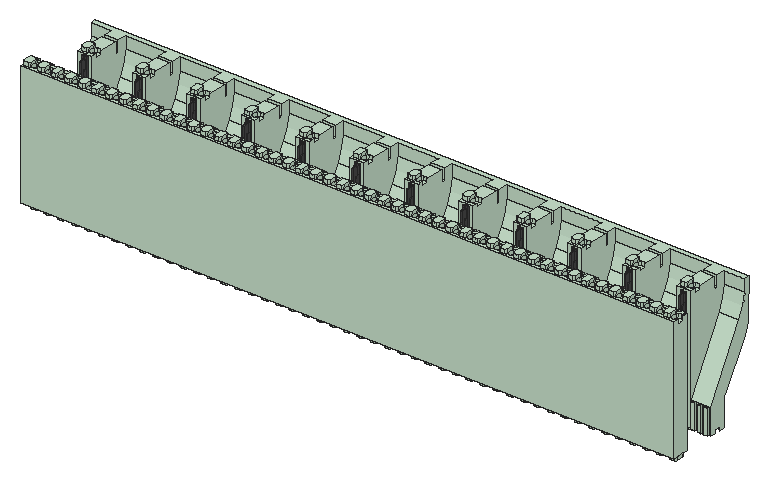
Revit family (continued)
Forms (mm)
  Extrusion 171, solid, material "NUDURA Expanded Polystyrene Foam Insulation"
    sketch origin (0, -25.16, 0) x (1, 0, 0) y (0, 1, 0)
      loop
        line (386.558, 76.2) -> (400.842, 76.2) -> (399.258, 82.55) -> (388.142, 82.55) -> (386.558, 76.2)
      loop
        line (361.158, 76.2) -> (375.442, 76.2) -> (373.858, 82.55) -> (362.742, 82.55) -> (361.158, 76.2)
      loop
        line (335.758, 76.2) -> (350.042, 76.2) -> (348.458, 82.55) -> (337.342, 82.55) -> (335.758, 76.2)
      loop
        line (259.558, 76.2) -> (273.842, 76.2) -> (272.258, 82.55) -> (261.142, 82.55) -> (259.558, 76.2)
      loop
        line (234.158, 76.2) -> (248.442, 76.2) -> (246.858, 82.55) -> (235.742, 82.55) -> (234.158, 76.2)
      loop
        line (208.758, 76.2) -> (223.042, 76.2) -> (221.458, 82.55) -> (210.342, 82.55) -> (208.758, 76.2)
      loop
        line (183.358, 76.2) -> (197.642, 76.2) -> (196.058, 82.55) -> (184.942, 82.55) -> (183.358, 76.2)
      loop
        line (157.958, 76.2) -> (172.242, 76.2) -> (170.658, 82.55) -> (159.542, 82.55) -> (157.958, 76.2)
      loop
        line (132.558, 76.2) -> (146.842, 76.2) -> (145.258, 82.55) -> (134.142, 82.55) -> (132.558, 76.2)
      loop
        line (56.358, 76.2) -> (70.642, 76.2) -> (69.058, 82.55) -> (57.942, 82.55) -> (56.358, 76.2)
      loop
        line (30.958, 76.2) -> (45.242, 76.2) -> (43.658, 82.55) -> (32.542, 82.55) -> (30.958, 76.2)
      loop
        line (5.558, 76.2) -> (19.842, 76.2) -> (18.258, 82.55) -> (7.142, 82.55) -> (5.558, 76.2)
    from 0 to 92.075
Cuts and joins
  Extrusion 2, Extrusion 3, Extrusion 4, Extrusion 5, Extrusion 6, Extrusion 7, Extrusion 8, Extrusion 9, Extrusion 10, Extrusion 11, Extrusion 12, Extrusion 13, Extrusion 14, Extrusion 15, Extrusion 16, Extrusion 17, Extrusion 18, Extrusion 19, Extrusion 20, Extrusion 21, Extrusion 22, Extrusion 23, Extrusion 24, Extrusion 25, Extrusion 26, Extrusion 27, Extrusion 28, Extrusion 29, Extrusion 30, Extrusion 31, Extrusion 32, Extrusion 33, Extrusion 34, Extrusion 35, Extrusion 36, Extrusion 37, Extrusion 38, Extrusion 39, Extrusion 40, Extrusion 41, Extrusion 42, Extrusion 43, Extrusion 44, Extrusion 45, Extrusion 46, Extrusion 47, Extrusion 48, Extrusion 49, Extrusion 62, Extrusion 63, Extrusion 64, Extrusion 65, Extrusion 66, Extrusion 67, Extrusion 68, Extrusion 69, Extrusion 70, Extrusion 71, Extrusion 72, Extrusion 73, Extrusion 74, Extrusion 75, Extrusion 76, Extrusion 77, Extrusion 78, Extrusion 79, Extrusion 80, Extrusion 81, Extrusion 82, Extrusion 83, Extrusion 84, Extrusion 85, Extrusion 86, Extrusion 87, Extrusion 88, Extrusion 89, Extrusion 90, Extrusion 91, Extrusion 92, Extrusion 93, Extrusion 94, Extrusion 95, Extrusion 96, Extrusion 97, Extrusion 98, Extrusion 99, Extrusion 100, Extrusion 101, Extrusion 102, Extrusion 103, Extrusion 104, Extrusion 105, Extrusion 106, Extrusion 107, Extrusion 108, Extrusion 109 cuts Extrusion 1
  Extrusion 50, Extrusion 110, Extrusion 111, Extrusion 112, Extrusion 113, Extrusion 114, Extrusion 115, Extrusion 116, Extrusion 117, Extrusion 118, Extrusion 119, Extrusion 120, Extrusion 121, Extrusion 122, Extrusion 123, Extrusion 124, Extrusion 125, Extrusion 126, Extrusion 127, Extrusion 128, Extrusion 129, Extrusion 130, Extrusion 131, Extrusion 132, Extrusion 133, Extrusion 134, Extrusion 135, Extrusion 136, Extrusion 137, Extrusion 138, Extrusion 139, Extrusion 140, Extrusion 141, Extrusion 142, Extrusion 143, Extrusion 144, Extrusion 145, Extrusion 146, Extrusion 147, Extrusion 148, Extrusion 149, Extrusion 150, Extrusion 151, Extrusion 152, Extrusion 153, Extrusion 154, Extrusion 155, Extrusion 156, Extrusion 157 cuts Extrusion 158
  Extrusion 61 cuts Extrusion 159
  Extrusion 60 cuts Extrusion 160
  Extrusion 59 cuts Extrusion 161
  Extrusion 58 cuts Extrusion 162
  Extrusion 57 cuts Extrusion 163
  Extrusion 56 cuts Extrusion 164
  Extrusion 55 cuts Extrusion 165
  Extrusion 54 cuts Extrusion 166
  Extrusion 53 cuts Extrusion 167
  Extrusion 52 cuts Extrusion 168
  Extrusion 51 cuts Extrusion 169
  Extrusion 50 cuts Extrusion 170
  joined: Extrusion 158, Extrusion 159, Extrusion 160, Extrusion 161, Extrusion 162, Extrusion 163, Extrusion 164, Extrusion 165, Extrusion 166, Extrusion 167, Extrusion 168, Extrusion 169, Extrusion 170
Lines and regions (mm)
  model lines
    curve 1: line (203.2, -117.235, 457.2) -> (203.2, -117.235, 0)
Dimensions and locks
  aligned and locked: level to plane 2
  aligned and locked: level to Extrusion 1
Nested families
  nested 1: "NUDURA Diamond Pattern" at (0, 25.64, 0), type "NUDURA Diamond Pattern"
  nested 2: "NUDURA Diamond Pattern" at (406.4, 25.64, 0), type "NUDURA Diamond Pattern"
  nested 3: "NUDURA Diamond Pattern" at (609.6, 25.64, 0), type "NUDURA Diamond Pattern"
  nested 4: "NUDURA Diamond Pattern" at (1016, 25.64, 0), type "NUDURA Diamond Pattern"
  nested 5: "NUDURA Diamond Pattern" at (1219.2, 25.64, 0), type "NUDURA Diamond Pattern"
  nested 6: "NUDURA Diamond Pattern" at (1625.6, 25.64, 0), type "NUDURA Diamond Pattern"
  nested 7: "NUDURA Diamond Pattern" at (1828.8, 25.64, 0), type "NUDURA Diamond Pattern"
  nested 8: "NUDURA Diamond Pattern" at (2235.2, 25.64, 0), type "NUDURA Diamond Pattern"
  nested 9: "Interlock Tooth" at (0, 25.64, 0), type "Interlock Tooth"
  nested 10: "Interlock Tooth" at (50.8, 25.64, 0), type "Interlock Tooth"
  nested 11: "Interlock Tooth" at (101.6, 25.64, 0), type "Interlock Tooth"
  nested 12: "Interlock Tooth" at (152.4, 25.64, 0), type "Interlock Tooth"
  nested 13: "Interlock Tooth" at (203.2, 25.64, 0), type "Interlock Tooth"
  nested 14: "Interlock Tooth" at (254, 25.64, 0), type "Interlock Tooth"
  nested 15: "Interlock Tooth" at (304.8, 25.64, 0), type "Interlock Tooth"
  nested 16: "Interlock Tooth" at (355.6, 25.64, 0), type "Interlock Tooth"
  nested 17: "Interlock Tooth" at (406.4, 25.64, 0), type "Interlock Tooth"
  nested 18: "Interlock Tooth" at (457.2, 25.64, 0), type "Interlock Tooth"
  nested 19: "Interlock Tooth" at (508, 25.64, 0), type "Interlock Tooth"
  nested 20: "Interlock Tooth" at (558.8, 25.64, 0), type "Interlock Tooth"
  nested 21: "Interlock Tooth" at (609.6, 25.64, 0), type "Interlock Tooth"
  nested 22: "Interlock Tooth" at (660.4, 25.64, 0), type "Interlock Tooth"
  nested 23: "Interlock Tooth" at (711.2, 25.64, 0), type "Interlock Tooth"
  nested 24: "Interlock Tooth" at (762, 25.64, 0), type "Interlock Tooth"
  nested 25: "Interlock Tooth" at (812.8, 25.64, 0), type "Interlock Tooth"
  nested 26: "Interlock Tooth" at (863.6, 25.64, 0), type "Interlock Tooth"
  nested 27: "Interlock Tooth" at (914.4, 25.64, 0), type "Interlock Tooth"
  nested 28: "Interlock Tooth" at (965.2, 25.64, 0), type "Interlock Tooth"
  nested 29: "Interlock Tooth" at (1016, 25.64, 0), type "Interlock Tooth"
  nested 30: "Interlock Tooth" at (1066.8, 25.64, 0), type "Interlock Tooth"
  nested 31: "Interlock Tooth" at (1117.6, 25.64, 0), type "Interlock Tooth"
  nested 32: "Interlock Tooth" at (1168.4, 25.64, 0), type "Interlock Tooth"
  nested 33: "Interlock Tooth" at (1219.2, 25.64, 0), type "Interlock Tooth"
  nested 34: "Interlock Tooth" at (1270, 25.64, 0), type "Interlock Tooth"
  nested 35: "Interlock Tooth" at (1320.8, 25.64, 0), type "Interlock Tooth"
  nested 36: "Interlock Tooth" at (1371.6, 25.64, 0), type "Interlock Tooth"
  nested 37: "Interlock Tooth" at (1422.4, 25.64, 0), type "Interlock Tooth"
  nested 38: "Interlock Tooth" at (1473.2, 25.64, 0), type "Interlock Tooth"
  nested 39: "Interlock Tooth" at (1524, 25.64, 0), type "Interlock Tooth"
  nested 40: "Interlock Tooth" at (1574.8, 25.64, 0), type "Interlock Tooth"
  nested 41: "Interlock Tooth" at (1625.6, 25.64, 0), type "Interlock Tooth"
  nested 42: "Interlock Tooth" at (1676.4, 25.64, 0), type "Interlock Tooth"
  nested 43: "Interlock Tooth" at (1727.2, 25.64, 0), type "Interlock Tooth"
  nested 44: "Interlock Tooth" at (1778, 25.64, 0), type "Interlock Tooth"
  nested 45: "Interlock Tooth" at (1828.8, 25.64, 0), type "Interlock Tooth"
  nested 46: "Interlock Tooth" at (1879.6, 25.64, 0), type "Interlock Tooth"
  nested 47: "Interlock Tooth" at (1930.4, 25.64, 0), type "Interlock Tooth"
  nested 48: "Interlock Tooth" at (1981.2, 25.64, 0), type "Interlock Tooth"
  nested 49: "Interlock Tooth" at (2032, 25.64, 0), type "Interlock Tooth"
  nested 50: "Interlock Tooth" at (2082.8, 25.64, 0), type "Interlock Tooth"
  nested 51: "Interlock Tooth" at (2133.6, 25.64, 0), type "Interlock Tooth"
  nested 52: "Interlock Tooth" at (2184.4, 25.64, 0), type "Interlock Tooth"
  nested 53: "Interlock Tooth" at (2235.2, 25.64, 0), type "Interlock Tooth"
  nested 54: "Interlock Tooth" at (2286, 25.64, 0), type "Interlock Tooth"
  nested 55: "Interlock Tooth" at (2336.8, 25.64, 0), type "Interlock Tooth"
  nested 56: "Interlock Tooth" at (2387.6, 25.64, 0), type "Interlock Tooth"
  nested 57: "Interlock Tooth" at (76.2, 200.265, 0), type "Interlock Tooth"
  nested 58: "Interlock Tooth" at (279.4, 200.265, 0), type "Interlock Tooth"
  nested 59: "Interlock Tooth" at (482.6, 200.265, 0), type "Interlock Tooth"
  nested 60: "Interlock Tooth" at (685.8, 200.265, 0), type "Interlock Tooth"
  nested 61: "Interlock Tooth" at (889, 200.265, 0), type "Interlock Tooth"
  nested 62: "Interlock Tooth" at (1092.2, 200.265, 0), type "Interlock Tooth"
  nested 63: "Interlock Tooth" at (1295.4, 200.265, 0), type "Interlock Tooth"
  nested 64: "Interlock Tooth" at (1498.6, 200.265, 0), type "Interlock Tooth"
  nested 65: "Interlock Tooth" at (1701.8, 200.265, 0), type "Interlock Tooth"
  nested 66: "Interlock Tooth" at (1905, 200.265, 0), type "Interlock Tooth"
  nested 67: "Interlock Tooth" at (2108.2, 200.265, 0), type "Interlock Tooth"
  nested 68: "Interlock Tooth" at (2311.4, 200.265, 0), type "Interlock Tooth"
  nested 69: "Interlock Tooth" at (25.4, -199.785, -469.9), type "Interlock Tooth"
  nested 70: "Interlock Tooth" at (76.2, -199.785, -469.9), type "Interlock Tooth"
  nested 71: "Interlock Tooth" at (127, -199.785, -469.9), type "Interlock Tooth"
  nested 72: "Interlock Tooth" at (177.8, -199.785, -469.9), type "Interlock Tooth"
  nested 73: "Interlock Tooth" at (228.6, -199.785, -469.9), type "Interlock Tooth"
  nested 74: "Interlock Tooth" at (279.4, -199.785, -469.9), type "Interlock Tooth"
  nested 75: "Interlock Tooth" at (330.2, -199.785, -469.9), type "Interlock Tooth"
  nested 76: "Interlock Tooth" at (381, -199.785, -469.9), type "Interlock Tooth"
  nested 77: "Interlock Tooth" at (431.8, -199.785, -469.9), type "Interlock Tooth"
  nested 78: "Interlock Tooth" at (482.6, -199.785, -469.9), type "Interlock Tooth"
  nested 79: "Interlock Tooth" at (533.4, -199.785, -469.9), type "Interlock Tooth"
  nested 80: "Interlock Tooth" at (584.2, -199.785, -469.9), type "Interlock Tooth"
  nested 81: "Interlock Tooth" at (635, -199.785, -469.9), type "Interlock Tooth"
  nested 82: "Interlock Tooth" at (685.8, -199.785, -469.9), type "Interlock Tooth"
  nested 83: "Interlock Tooth" at (736.6, -199.785, -469.9), type "Interlock Tooth"
  nested 84: "Interlock Tooth" at (787.4, -199.785, -469.9), type "Interlock Tooth"
  nested 85: "Interlock Tooth" at (838.2, -199.785, -469.9), type "Interlock Tooth"
  nested 86: "Interlock Tooth" at (889, -199.785, -469.9), type "Interlock Tooth"
  nested 87: "Interlock Tooth" at (939.8, -199.785, -469.9), type "Interlock Tooth"
  nested 88: "Interlock Tooth" at (990.6, -199.785, -469.9), type "Interlock Tooth"
  nested 89: "Interlock Tooth" at (1041.4, -199.785, -469.9), type "Interlock Tooth"
  nested 90: "Interlock Tooth" at (1092.2, -199.785, -469.9), type "Interlock Tooth"
  nested 91: "Interlock Tooth" at (1143, -199.785, -469.9), type "Interlock Tooth"
  nested 92: "Interlock Tooth" at (1193.8, -199.785, -469.9), type "Interlock Tooth"
  nested 93: "Interlock Tooth" at (1244.6, -199.785, -469.9), type "Interlock Tooth"
  nested 94: "Interlock Tooth" at (1295.4, -199.785, -469.9), type "Interlock Tooth"
  nested 95: "Interlock Tooth" at (1346.2, -199.785, -469.9), type "Interlock Tooth"
  nested 96: "Interlock Tooth" at (1397, -199.785, -469.9), type "Interlock Tooth"
  nested 97: "Interlock Tooth" at (1447.8, -199.785, -469.9), type "Interlock Tooth"
  nested 98: "Interlock Tooth" at (1498.6, -199.785, -469.9), type "Interlock Tooth"
  nested 99: "Interlock Tooth" at (1549.4, -199.785, -469.9), type "Interlock Tooth"
  nested 100: "Interlock Tooth" at (1600.2, -199.785, -469.9), type "Interlock Tooth"
  nested 101: "Interlock Tooth" at (1651, -199.785, -469.9), type "Interlock Tooth"
  nested 102: "Interlock Tooth" at (1701.8, -199.785, -469.9), type "Interlock Tooth"
  nested 103: "Interlock Tooth" at (1752.6, -199.785, -469.9), type "Interlock Tooth"
  nested 104: "Interlock Tooth" at (1803.4, -199.785, -469.9), type "Interlock Tooth"
  nested 105: "Interlock Tooth" at (1854.2, -199.785, -469.9), type "Interlock Tooth"
  nested 106: "Interlock Tooth" at (1905, -199.785, -469.9), type "Interlock Tooth"
  nested 107: "Interlock Tooth" at (1955.8, -199.785, -469.9), type "Interlock Tooth"
  nested 108: "Interlock Tooth" at (2006.6, -199.785, -469.9), type "Interlock Tooth"
  nested 109: "Interlock Tooth" at (2057.4, -199.785, -469.9), type "Interlock Tooth"
  nested 110: "Interlock Tooth" at (2159, -199.785, -469.9), type "Interlock Tooth"
  nested 111: "Interlock Tooth" at (2209.8, -199.785, -469.9), type "Interlock Tooth"
  nested 112: "Interlock Tooth" at (2260.6, -199.785, -469.9), type "Interlock Tooth"
  nested 113: "Interlock Tooth" at (2311.4, -199.785, -469.9), type "Interlock Tooth"
  nested 114: "Interlock Tooth" at (2362.2, -199.785, -469.9), type "Interlock Tooth"
  nested 115: "Interlock Tooth" at (2413, -199.785, -469.9), type "Interlock Tooth"
  nested 116: "Interlock Tooth" at (0, -25.16, -469.9), type "Interlock Tooth"
  nested 117: "Interlock Tooth" at (50.8, -25.16, -469.9), type "Interlock Tooth"
  nested 118: "Interlock Tooth" at (101.6, -25.16, -469.9), type "Interlock Tooth"
  nested 119: "Interlock Tooth" at (152.4, -25.16, -469.9), type "Interlock Tooth"
  nested 120: "Interlock Tooth" at (203.2, -25.16, -469.9), type "Interlock Tooth"
  nested 121: "Interlock Tooth" at (254, -25.16, -469.9), type "Interlock Tooth"
  nested 122: "Interlock Tooth" at (304.8, -25.16, -469.9), type "Interlock Tooth"
  nested 123: "Interlock Tooth" at (355.6, -25.16, -469.9), type "Interlock Tooth"
  nested 124: "Interlock Tooth" at (406.4, -25.16, -469.9), type "Interlock Tooth"
  nested 125: "Interlock Tooth" at (457.2, -25.16, -469.9), type "Interlock Tooth"
  nested 126: "Interlock Tooth" at (508, -25.16, -469.9), type "Interlock Tooth"
  nested 127: "Interlock Tooth" at (558.8, -25.16, -469.9), type "Interlock Tooth"
  nested 128: "Interlock Tooth" at (609.6, -25.16, -469.9), type "Interlock Tooth"
  nested 129: "Interlock Tooth" at (660.4, -25.16, -469.9), type "Interlock Tooth"
  nested 130: "Interlock Tooth" at (711.2, -25.16, -469.9), type "Interlock Tooth"
  nested 131: "Interlock Tooth" at (762, -25.16, -469.9), type "Interlock Tooth"
  nested 132: "Interlock Tooth" at (812.8, -25.16, -469.9), type "Interlock Tooth"
  nested 133: "Interlock Tooth" at (863.6, -25.16, -469.9), type "Interlock Tooth"
  nested 134: "Interlock Tooth" at (914.4, -25.16, -469.9), type "Interlock Tooth"
  nested 135: "Interlock Tooth" at (965.2, -25.16, -469.9), type "Interlock Tooth"
  nested 136: "Interlock Tooth" at (1016, -25.16, -469.9), type "Interlock Tooth"
  nested 137: "Interlock Tooth" at (1066.8, -25.16, -469.9), type "Interlock Tooth"
  nested 138: "Interlock Tooth" at (1117.6, -25.16, -469.9), type "Interlock Tooth"
  nested 139: "Interlock Tooth" at (1168.4, -25.16, -469.9), type "Interlock Tooth"
  nested 140: "Interlock Tooth" at (1219.2, -25.16, -469.9), type "Interlock Tooth"
  nested 141: "Interlock Tooth" at (1270, -25.16, -469.9), type "Interlock Tooth"
  nested 142: "Interlock Tooth" at (1320.8, -25.16, -469.9), type "Interlock Tooth"
  nested 143: "Interlock Tooth" at (1371.6, -25.16, -469.9), type "Interlock Tooth"
  nested 144: "Interlock Tooth" at (1422.4, -25.16, -469.9), type "Interlock Tooth"
  nested 145: "Interlock Tooth" at (1473.2, -25.16, -469.9), type "Interlock Tooth"
  nested 146: "Interlock Tooth" at (1524, -25.16, -469.9), type "Interlock Tooth"
  nested 147: "Interlock Tooth" at (1574.8, -25.16, -469.9), type "Interlock Tooth"
  nested 148: "Interlock Tooth" at (1625.6, -25.16, -469.9), type "Interlock Tooth"
  nested 149: "Interlock Tooth" at (1676.4, -25.16, -469.9), type "Interlock Tooth"
  nested 150: "Interlock Tooth" at (1727.2, -25.16, -469.9), type "Interlock Tooth"
  nested 151: "Interlock Tooth" at (1778, -25.16, -469.9), type "Interlock Tooth"
  nested 152: "Interlock Tooth" at (1828.8, -25.16, -469.9), type "Interlock Tooth"
  nested 153: "Interlock Tooth" at (1879.6, -25.16, -469.9), type "Interlock Tooth"
  nested 154: "Interlock Tooth" at (1930.4, -25.16, -469.9), type "Interlock Tooth"
  nested 155: "Interlock Tooth" at (1981.2, -25.16, -469.9), type "Interlock Tooth"
  nested 156: "Interlock Tooth" at (2032, -25.16, -469.9), type "Interlock Tooth"
  nested 157: "Interlock Tooth" at (2082.8, -25.16, -469.9), type "Interlock Tooth"
  nested 158: "Interlock Tooth" at (2133.6, -25.16, -469.9), type "Interlock Tooth"
  nested 159: "Interlock Tooth" at (2184.4, -25.16, -469.9), type "Interlock Tooth"
  nested 160: "Interlock Tooth" at (2235.2, -25.16, -469.9), type "Interlock Tooth"
  nested 161: "Interlock Tooth" at (2286, -25.16, -469.9), type "Interlock Tooth"
  nested 162: "Interlock Tooth" at (2336.8, -25.16, -469.9), type "Interlock Tooth"
  nested 163: "Interlock Tooth" at (2387.6, -25.16, -469.9), type "Interlock Tooth"
  nested 164: "NUDURA Logo Diamond" at (0, -117.235, 0), type "NUDURA Logo Diamond"
  nested 165: "NUDURA Logo Diamond" at (609.6, -117.235, 0), type "NUDURA Logo Diamond"
  nested 166: "NUDURA Logo Diamond" at (1219.2, -117.235, 0), type "NUDURA Logo Diamond"
  nested 167: "NUDURA Logo Diamond" at (1828.8, -117.235, 0), type "NUDURA Logo Diamond"
  nested 168: "NUDURA Brick Ledge Diamond Pattern" at (2235.2, 260.59, 0), type "NUDURA Brick Ledge Diamond Pattern"
  nested 169: "NUDURA Brick Ledge Diamond Pattern" at (2032, 260.59, 0), type "NUDURA Brick Ledge Diamond Pattern"
  nested 170: "NUDURA Brick Ledge Diamond Pattern" at (1828.8, 260.59, 0), type "NUDURA Brick Ledge Diamond Pattern"
  nested 171: "NUDURA Brick Ledge Diamond Pattern" at (1625.6, 260.59, 0), type "NUDURA Brick Ledge Diamond Pattern"
  nested 172: "NUDURA Brick Ledge Diamond Pattern" at (1422.4, 260.59, 0), type "NUDURA Brick Ledge Diamond Pattern"
  nested 173: "NUDURA Brick Ledge Diamond Pattern" at (1219.2, 260.59, 0), type "NUDURA Brick Ledge Diamond Pattern"
  nested 174: "NUDURA Brick Ledge Diamond Pattern" at (1016, 260.59, 0), type "NUDURA Brick Ledge Diamond Pattern"
  nested 175: "NUDURA Brick Ledge Diamond Pattern" at (812.8, 260.59, 0), type "NUDURA Brick Ledge Diamond Pattern"
  nested 176: "NUDURA Brick Ledge Diamond Pattern" at (609.6, 260.59, 0), type "NUDURA Brick Ledge Diamond Pattern"
  nested 177: "NUDURA Brick Ledge Diamond Pattern" at (406.4, 260.59, 0), type "NUDURA Brick Ledge Diamond Pattern"
  nested 178: "NUDURA Brick Ledge Diamond Pattern" at (203.2, 260.59, 0), type "NUDURA Brick Ledge Diamond Pattern"
  nested 179: "NUDURA Brick Ledge Diamond Pattern" at (0, 260.59, 0), type "NUDURA Brick Ledge Diamond Pattern"
  nested 180: "4-inch Insert Web" at (101.6, 0.24, 0), type "4-inch Insert Web"
  nested 181: "4-inch Insert Web" at (304.8, 0.24, 0), type "4-inch Insert Web"
  nested 182: "4-inch Insert Web" at (508, 0.24, 0), type "4-inch Insert Web"
  nested 183: "4-inch Insert Web" at (711.2, 0.24, 0), type "4-inch Insert Web"
  nested 184: "4-inch Insert Web" at (914.4, 0.24, 0), type "4-inch Insert Web"
  nested 185: "4-inch Insert Web" at (1117.6, 0.24, 0), type "4-inch Insert Web"
  nested 186: "4-inch Insert Web" at (1320.8, 0.24, 0), type "4-inch Insert Web"
  nested 187: "4-inch Insert Web" at (1524, 0.24, 0), type "4-inch Insert Web"
  nested 188: "4-inch Insert Web" at (1727.2, 0.24, 0), type "4-inch Insert Web"
  nested 189: "4-inch Insert Web" at (1930.4, 0.24, 0), type "4-inch Insert Web"
  nested 190: "4-inch Insert Web" at (2133.6, 0.24, 0), type "4-inch Insert Web"
  nested 191: "4-inch Insert Web" at (2336.8, 0.24, 0), type "4-inch Insert Web"
  nested 192: "Interlock Tooth" at (2108.2, -199.785, -469.9), type "Interlock Tooth"
Definition of nested family "Interlock Tooth"
  Reference planes
    plane 1 "Center (Front/Back)": y = 0
    plane 2: z = 0
    plane 3 "Center (Left/Right)": x = 0
    plane 4: z = 457.2
    plane 5: z = 469.9
    plane 6: z = -12.7
  Forms (mm)
    Extrusion 1, solid, material "NUDURA Expanded Polystyrene Foam Insulation"
      sketch origin (0, -225.425, 0) x (1, 0, 0) y (0, 1, 0)
        loop
          arc (0, 101.014) -> (1.215, 97.278) -> (4.396, 94.972) r 6.35
          arc (4.396, 94.972) -> (12.7, 93.663) -> (21.004, 94.972) r 26.988
          arc (21.004, 94.972) -> (24.185, 97.278) -> (25.4, 101.014) r 6.35
          line (25.4, 101.014) -> (25.4, 124.411)
          arc (25.4, 124.411) -> (24.185, 128.147) -> (21.004, 130.453) r 6.35
          arc (21.004, 130.453) -> (12.7, 131.763) -> (4.396, 130.453) r 26.987
          arc (4.396, 130.453) -> (1.215, 128.147) -> (0, 124.411) r 6.35
          line (0, 124.411) -> (0, 101.014)
      from 457.2 to 469.9
  Dimensions and locks
    locked: plane 4 to level at 457.2
    locked: plane 4 to plane 5 at 12.7
    locked: plane 6 to level at 12.7
Definition of nested family "4-inch Insert Web"
  Reference planes
    plane 1 "Center (Front/Back)": y = 0
    plane 2: z = 0
    plane 3 "Center (Left/Right)": x = 0
  Forms (mm)
    Extrusion 1, solid, material "High Density Polystyrene"
      sketch origin (0, 0, 0) x (0, 1, 0) y (0, 0, 1)
        loop
          line (57.15, 0) -> (57.15, 450.744)
          arc (57.15, 450.744) -> (56.417, 450.243) -> (56.134, 449.4) r 1.397
          line (56.134, 449.4) -> (56.134, 1.344)
          arc (56.134, 1.344) -> (56.417, 0.502) -> (57.15, 0) r 1.397
        loop
          arc (-57.15, 0) -> (-56.417, 0.502) -> (-56.134, 1.344) r 1.397
          line (-56.134, 1.344) -> (-56.134, 449.4)
          arc (-56.134, 449.4) -> (-56.417, 450.243) -> (-57.15, 450.744) r 1.397
          line (-57.15, 450.744) -> (-57.15, 0)
      from 9.227 to -9.227
    Extrusion 2, solid, material "High Density Polystyrene"
      sketch origin (0, 0, 0) x (0, 1, 0) y (0, 0, 1)
        loop
          arc (55.598, 442.16) -> (55.975, 442.021) -> (56.134, 441.652) r 0.508
          line (56.134, 441.652) -> (56.134, 447.972)
          arc (56.134, 447.972) -> (56.029, 447.585) -> (55.742, 447.306) r 0.762
          line (55.742, 447.306) -> (53.986, 446.33)
          arc (53.986, 446.33) -> (53.699, 446.05) -> (53.594, 445.664) r 0.762
          line (53.594, 445.664) -> (53.594, 442.585)
          arc (53.594, 442.585) -> (53.753, 442.216) -> (54.13, 442.078) r 0.508
          line (54.13, 442.078) -> (55.598, 442.16)
        loop
          line (-53.986, 446.33) -> (-55.742, 447.306)
          arc (-55.742, 447.306) -> (-56.029, 447.585) -> (-56.134, 447.972) r 0.762
          line (-56.134, 447.972) -> (-56.134, 441.652)
          arc (-56.134, 441.652) -> (-55.975, 442.021) -> (-55.598, 442.16) r 0.508
          line (-55.598, 442.16) -> (-54.13, 442.078)
          arc (-54.13, 442.078) -> (-53.753, 442.216) -> (-53.594, 442.585) r 0.508
          line (-53.594, 442.585) -> (-53.594, 445.664)
          arc (-53.594, 445.664) -> (-53.699, 446.05) -> (-53.986, 446.33) r 0.762
        loop
          line (55.598, 8.585) -> (54.13, 8.666)
          arc (54.13, 8.666) -> (53.753, 8.528) -> (53.594, 8.159) r 0.508
          line (53.594, 8.159) -> (53.594, 5.08)
          arc (53.594, 5.08) -> (53.699, 4.694) -> (53.986, 4.414) r 0.762
          line (53.986, 4.414) -> (55.742, 3.439)
          arc (55.742, 3.439) -> (56.029, 3.159) -> (56.134, 2.772) r 0.762
          line (56.134, 2.772) -> (56.134, 9.092)
          arc (56.134, 9.092) -> (55.975, 8.723) -> (55.598, 8.585) r 0.508
        loop
          arc (-53.986, 4.414) -> (-53.699, 4.694) -> (-53.594, 5.08) r 0.762
          line (-53.594, 5.08) -> (-53.594, 8.159)
          arc (-53.594, 8.159) -> (-53.753, 8.528) -> (-54.13, 8.666) r 0.508
          line (-54.13, 8.666) -> (-55.598, 8.585)
          arc (-55.598, 8.585) -> (-55.975, 8.723) -> (-56.134, 9.092) r 0.508
          line (-56.134, 9.092) -> (-56.134, 2.772)
          arc (-56.134, 2.772) -> (-56.029, 3.159) -> (-55.742, 3.439) r 0.762
          line (-55.742, 3.439) -> (-53.986, 4.414)
        loop
          line (50.8, 437.076) -> (48.895, 442.918)
          arc (48.895, 442.918) -> (47.625, 443.68) -> (46.355, 442.918) r 1.439
          line (46.355, 442.918) -> (45.113, 439.108) -> (41.883, 439.108)
          arc (41.883, 439.108) -> (41.004, 438.744) -> (40.64, 437.865) r 1.243
          line (40.64, 437.865) -> (40.64, 437.076) -> (38.1, 437.076) -> (38.1, 400.201)
          arc (38.1, 400.201) -> (36.344, 393.421) -> (31.518, 388.345) r 13.97
          arc (31.518, 388.345) -> (30.285, 386.915) -> (30.081, 385.039) r 3.175
          arc (30.081, 385.039) -> (18.776, 376.743) -> (19.602, 390.741) r 7.747
          arc (19.602, 390.741) -> (22.454, 398.563) -> (14.366, 400.538) r 5.588
          arc (14.366, 400.538) -> (7.52, 397.224) -> (0, 396.085) r 25.4
          arc (0, 396.085) -> (-7.52, 397.224) -> (-14.366, 400.538) r 25.4
          arc (-14.366, 400.538) -> (-22.454, 398.563) -> (-19.602, 390.741) r 5.588
          arc (-19.602, 390.741) -> (-18.776, 376.743) -> (-30.081, 385.039) r 7.747
          arc (-30.081, 385.039) -> (-30.285, 386.915) -> (-31.518, 388.345) r 3.175
          arc (-31.518, 388.345) -> (-36.344, 393.421) -> (-38.1, 400.201) r 13.97
          line (-38.1, 400.201) -> (-38.1, 437.076) -> (-40.64, 437.076) -> (-40.64, 437.865)
          arc (-40.64, 437.865) -> (-41.004, 438.744) -> (-41.883, 439.108) r 1.243
          line (-41.883, 439.108) -> (-45.113, 439.108) -> (-46.355, 442.918)
          arc (-46.355, 442.918) -> (-47.625, 443.68) -> (-48.895, 442.918) r 1.439
          line (-48.895, 442.918) -> (-50.8, 437.076) -> (-50.8, 16.896) -> (-48.895, 11.054)
          arc (-48.895, 11.054) -> (-47.625, 10.292) -> (-46.355, 11.054) r 1.439
          line (-46.355, 11.054) -> (-45.113, 14.864) -> (-41.883, 14.864)
          arc (-41.883, 14.864) -> (-41.004, 15.228) -> (-40.64, 16.107) r 1.243
          line (-40.64, 16.107) -> (-40.64, 16.896) -> (-38.1, 16.896) -> (-38.1, 56.999)
          arc (-38.1, 56.999) -> (-36.344, 63.779) -> (-31.518, 68.855) r 13.97
          arc (-31.518, 68.855) -> (-30.285, 70.285) -> (-30.081, 72.161) r 3.175
          arc (-30.081, 72.161) -> (-18.776, 80.457) -> (-19.602, 66.459) r 7.747
          arc (-19.602, 66.459) -> (-22.454, 58.637) -> (-14.366, 56.662) r 5.588
          arc (-14.366, 56.662) -> (-7.52, 59.976) -> (0, 61.115) r 25.4
          arc (0, 61.115) -> (7.52, 59.976) -> (14.366, 56.662) r 25.4
          arc (14.366, 56.662) -> (22.454, 58.637) -> (19.602, 66.459) r 5.588
          arc (19.602, 66.459) -> (18.776, 80.457) -> (30.081, 72.161) r 7.747
          arc (30.081, 72.161) -> (30.285, 70.285) -> (31.518, 68.855) r 3.175
          arc (31.518, 68.855) -> (36.344, 63.779) -> (38.1, 56.999) r 13.97
          line (38.1, 56.999) -> (38.1, 16.896) -> (40.64, 16.896) -> (40.64, 16.107)
          arc (40.64, 16.107) -> (41.004, 15.228) -> (41.883, 14.864) r 1.243
          line (41.883, 14.864) -> (45.113, 14.864) -> (46.355, 11.054)
          arc (46.355, 11.054) -> (47.625, 10.292) -> (48.895, 11.054) r 1.439
          line (48.895, 11.054) -> (50.8, 16.896) -> (50.8, 437.076)
        loop
          line (28.016, 366.947) -> (8.37, 357.753)
          arc (8.37, 357.753) -> (4.342, 351.679) -> (1.524, 344.958) r 38.683
          line (1.524, 344.958) -> (1.524, 330.717)
          arc (1.524, 330.717) -> (4.39, 325.677) -> (9.462, 322.866) r 10.723
          line (9.462, 322.866) -> (28.575, 322.866)
          arc (28.575, 322.866) -> (34.302, 326.664) -> (38.1, 332.391) r 17.304
          line (38.1, 332.391) -> (38.1, 358.508)
          arc (38.1, 358.508) -> (34.431, 364.369) -> (28.016, 366.947) r 11.169
        loop
          arc (-28.016, 366.947) -> (-34.431, 364.369) -> (-38.1, 358.508) r 11.169
          line (-38.1, 358.508) -> (-38.1, 332.391)
          arc (-38.1, 332.391) -> (-34.302, 326.664) -> (-28.575, 322.866) r 17.304
          line (-28.575, 322.866) -> (-9.462, 322.866)
          arc (-9.462, 322.866) -> (-4.39, 325.677) -> (-1.524, 330.717) r 10.723
          line (-1.524, 330.717) -> (-1.524, 344.958)
          arc (-1.524, 344.958) -> (-4.342, 351.679) -> (-8.37, 357.753) r 38.683
          line (-8.37, 357.753) -> (-28.016, 366.947)
        loop
          arc (28.016, 274.213) -> (34.431, 276.792) -> (38.1, 282.652) r 11.169
          line (38.1, 282.652) -> (38.1, 308.769)
          arc (38.1, 308.769) -> (34.302, 314.497) -> (28.575, 318.294) r 17.304
          line (28.575, 318.294) -> (9.462, 318.294)
          arc (9.462, 318.294) -> (4.39, 315.483) -> (1.524, 310.443) r 10.723
          line (1.524, 310.443) -> (1.524, 296.202)
          arc (1.524, 296.202) -> (4.342, 289.481) -> (8.37, 283.408) r 38.683
          line (8.37, 283.408) -> (28.016, 274.213)
        loop
          line (-28.016, 274.213) -> (-8.37, 283.408)
          arc (-8.37, 283.408) -> (-4.342, 289.481) -> (-1.524, 296.202) r 38.683
          line (-1.524, 296.202) -> (-1.524, 310.443)
          arc (-1.524, 310.443) -> (-4.39, 315.483) -> (-9.462, 318.294) r 10.723
          line (-9.462, 318.294) -> (-28.575, 318.294)
          arc (-28.575, 318.294) -> (-34.302, 314.497) -> (-38.1, 308.769) r 17.304
          line (-38.1, 308.769) -> (-38.1, 282.652)
          arc (-38.1, 282.652) -> (-34.431, 276.792) -> (-28.016, 274.213) r 11.169
        loop
          arc (10.766, 277.238) -> (5.515, 279.027) -> (0, 279.633) r 25.4
          arc (0, 279.633) -> (-5.515, 279.027) -> (-10.766, 277.238) r 25.4
          line (-10.766, 277.238) -> (-30.783, 267.87)
          arc (-30.783, 267.87) -> (-36.116, 263.184) -> (-38.1, 256.368) r 12.7
          line (-38.1, 256.368) -> (-38.1, 236.534) -> (-35.052, 231.454) -> (-35.052, 228.6) -> (-35.052, 225.746) -> (-38.1, 220.666) -> (-38.1, 200.832)
          arc (-38.1, 200.832) -> (-36.116, 194.016) -> (-30.783, 189.33) r 12.7
          line (-30.783, 189.33) -> (-10.766, 179.962)
          arc (-10.766, 179.962) -> (-5.515, 178.173) -> (0, 177.567) r 25.4
          arc (0, 177.567) -> (5.515, 178.173) -> (10.766, 179.962) r 25.4
          line (10.766, 179.962) -> (30.783, 189.33)
          arc (30.783, 189.33) -> (36.116, 194.016) -> (38.1, 200.832) r 12.7
          line (38.1, 200.832) -> (38.1, 220.666) -> (35.052, 225.746) -> (35.052, 228.6) -> (35.052, 231.454) -> (38.1, 236.534) -> (38.1, 256.368)
          arc (38.1, 256.368) -> (36.116, 263.184) -> (30.783, 267.87) r 12.7
          line (30.783, 267.87) -> (10.766, 277.238)
        loop
          arc (28.016, 90.253) -> (34.431, 92.831) -> (38.1, 98.692) r 11.169
          line (38.1, 98.692) -> (38.1, 124.809)
          arc (38.1, 124.809) -> (34.302, 130.536) -> (28.575, 134.334) r 17.304
          line (28.575, 134.334) -> (9.462, 134.334)
          arc (9.462, 134.334) -> (4.39, 131.523) -> (1.524, 126.483) r 10.723
          line (1.524, 126.483) -> (1.524, 112.242)
          arc (1.524, 112.242) -> (4.342, 105.521) -> (8.37, 99.447) r 38.683
          line (8.37, 99.447) -> (28.016, 90.253)
        loop
          line (-28.016, 90.253) -> (-8.37, 99.447)
          arc (-8.37, 99.447) -> (-4.342, 105.521) -> (-1.524, 112.242) r 38.683
          line (-1.524, 112.242) -> (-1.524, 126.483)
          arc (-1.524, 126.483) -> (-4.39, 131.523) -> (-9.462, 134.334) r 10.723
          line (-9.462, 134.334) -> (-28.575, 134.334)
          arc (-28.575, 134.334) -> (-34.302, 130.536) -> (-38.1, 124.809) r 17.304
          line (-38.1, 124.809) -> (-38.1, 98.692)
          arc (-38.1, 98.692) -> (-34.431, 92.831) -> (-28.016, 90.253) r 11.169
        loop
          line (28.016, 182.987) -> (8.37, 173.792)
          arc (8.37, 173.792) -> (4.342, 167.719) -> (1.524, 160.998) r 38.683
          line (1.524, 160.998) -> (1.524, 146.757)
          arc (1.524, 146.757) -> (4.39, 141.717) -> (9.462, 138.906) r 10.723
          line (9.462, 138.906) -> (28.575, 138.906)
          arc (28.575, 138.906) -> (34.302, 142.703) -> (38.1, 148.431) r 17.304
          line (38.1, 148.431) -> (38.1, 174.548)
          arc (38.1, 174.548) -> (34.431, 180.408) -> (28.016, 182.987) r 11.169
        loop
          arc (-28.016, 182.987) -> (-34.431, 180.408) -> (-38.1, 174.548) r 11.169
          line (-38.1, 174.548) -> (-38.1, 148.431)
          arc (-38.1, 148.431) -> (-34.302, 142.703) -> (-28.575, 138.906) r 17.304
          line (-28.575, 138.906) -> (-9.462, 138.906)
          arc (-9.462, 138.906) -> (-4.39, 141.717) -> (-1.524, 146.757) r 10.723
          line (-1.524, 146.757) -> (-1.524, 160.998)
          arc (-1.524, 160.998) -> (-4.342, 167.719) -> (-8.37, 173.792) r 38.683
          line (-8.37, 173.792) -> (-28.016, 182.987)
      from 3.175 to -3.175
    Extrusion 3, solid, material "High Density Polystyrene"
      sketch origin (0, 0, 0) x (0, 1, 0) y (0, 0, 1)
        loop
          line (56.134, 410.919) -> (43.434, 410.919) -> (43.434, 380.439) -> (56.134, 380.439) -> (56.134, 410.919)
        loop
          line (56.134, 361.389) -> (43.434, 361.389) -> (43.434, 330.909) -> (56.134, 330.909) -> (56.134, 361.389)
        loop
          line (56.134, 311.859) -> (43.434, 311.859) -> (43.434, 281.379) -> (56.134, 281.379) -> (56.134, 311.859)
        loop
          line (56.134, 262.329) -> (43.434, 262.329) -> (43.434, 234.897) -> (56.134, 234.897) -> (56.134, 262.329)
        loop
          line (56.134, 215.847) -> (43.434, 215.847) -> (43.434, 188.415) -> (56.134, 188.415) -> (56.134, 215.847)
        loop
          line (56.134, 169.365) -> (43.434, 169.365) -> (43.434, 138.885) -> (56.134, 138.885) -> (56.134, 169.365)
        loop
          line (56.134, 119.835) -> (43.434, 119.835) -> (43.434, 89.355) -> (56.134, 89.355) -> (56.134, 119.835)
        loop
          line (56.134, 70.305) -> (43.434, 70.305) -> (43.434, 39.825) -> (56.134, 39.825) -> (56.134, 70.305)
        loop
          line (-56.134, 410.919) -> (-56.134, 380.439) -> (-43.434, 380.439) -> (-43.434, 410.919) -> (-56.134, 410.919)
        loop
          line (-56.134, 361.389) -> (-56.134, 330.909) -> (-43.434, 330.909) -> (-43.434, 361.389) -> (-56.134, 361.389)
        loop
          line (-56.134, 311.859) -> (-56.134, 281.379) -> (-43.434, 281.379) -> (-43.434, 311.859) -> (-56.134, 311.859)
        loop
          line (-56.134, 262.329) -> (-56.134, 234.897) -> (-43.434, 234.897) -> (-43.434, 262.329) -> (-56.134, 262.329)
        loop
          line (-56.134, 215.847) -> (-56.134, 188.415) -> (-43.434, 188.415) -> (-43.434, 215.847) -> (-56.134, 215.847)
        loop
          line (-56.134, 169.365) -> (-56.134, 138.885) -> (-43.434, 138.885) -> (-43.434, 169.365) -> (-56.134, 169.365)
        loop
          line (-56.134, 119.835) -> (-56.134, 89.355) -> (-43.434, 89.355) -> (-43.434, 119.835) -> (-56.134, 119.835)
        loop
          line (-56.134, 70.305) -> (-56.134, 39.825) -> (-43.434, 39.825) -> (-43.434, 70.305) -> (-56.134, 70.305)
      from 6.35 to -6.35
    Extrusion 4, void
      sketch origin (0, -25.4, 0) x (1, 0, 0) y (0, 1, 0)
        loop
          line (-6.35, 70.929) -> (-6.35, 68.834) -> (-4.255, 68.834)
          arc (-4.255, 68.834) -> (-5.736, 69.448) -> (-6.35, 70.929) r 2.095
      from 0 to 457.2
    Extrusion 5, void
      sketch origin (0, -25.4, 0) x (-1, 0, 0) y (0, -1, 0)
        loop
          arc (-6.35, -70.929) -> (-5.736, -69.448) -> (-4.255, -68.834) r 2.095
          line (-4.255, -68.834) -> (-6.35, -68.834) -> (-6.35, -70.929)
      from 0 to 457.2
    Extrusion 6, void
      sketch origin (0, 25.4, 0) x (1, 0, 0) y (0, 1, 0)
        loop
          arc (-6.35, -70.929) -> (-5.736, -69.448) -> (-4.255, -68.834) r 2.095
          line (-4.255, -68.834) -> (-6.35, -68.834) -> (-6.35, -70.929)
      from 0 to 457.2
    Extrusion 7, void
      sketch origin (0, 25.4, 0) x (-1, 0, 0) y (0, -1, 0)
        loop
          line (-6.35, 70.929) -> (-6.35, 68.834) -> (-4.255, 68.834)
          arc (-4.255, 68.834) -> (-5.736, 69.448) -> (-6.35, 70.929) r 2.095
      from 0 to 457.2
  Cuts and joins
    Extrusion 4, Extrusion 5, Extrusion 6, Extrusion 7 cuts Extrusion 1
    Extrusion 4, Extrusion 5, Extrusion 6, Extrusion 7 cuts Extrusion 3
Definition of nested family "NUDURA Diamond Pattern"
  Reference planes
    plane 1 "Center (Front/Back)": y = 0
    plane 2: z = 0
    plane 3 "Center (Left/Right)": x = 0
    plane 4: z = 457.2
  Lines and regions (mm)
    model lines
      curve 1: line (203.2, -142.875, 457.2) -> (203.2, -142.875, 0)
      curve 2: line (152.4, -142.875, 457.2) -> (152.4, -142.875, 0)
      curve 3: line (50.8, -142.875, 457.2) -> (50.8, -142.875, 0)
      curve 4: line (85.183, -142.875, 431.415) -> (93.906, -142.875, 422.692)
      curve 5: arc (85.183, -142.875, 444.885) -> (82.394, -142.875, 438.15) -> (85.183, -142.875, 431.415) r 9.525
      curve 6: line (94.708, -142.875, 454.41) -> (85.183, -142.875, 444.885)
      curve 7: arc (108.179, -142.875, 454.41) -> (101.444, -142.875, 457.2) -> (94.708, -142.875, 454.41) r 9.525
      curve 8: line (117.704, -142.875, 444.885) -> (108.179, -142.875, 454.41)
      curve 9: arc (117.704, -142.875, 431.415) -> (120.494, -142.875, 438.15) -> (117.704, -142.875, 444.885) r 9.525
      curve 10: line (108.981, -142.875, 422.692) -> (117.704, -142.875, 431.415)
      curve 11: arc (105.934, -142.875, 452.165) -> (101.444, -142.875, 454.025) -> (96.953, -142.875, 452.165) r 6.35
      curve 12: line (115.459, -142.875, 442.64) -> (105.934, -142.875, 452.165)
      curve 13: arc (115.459, -142.875, 433.66) -> (117.319, -142.875, 438.15) -> (115.459, -142.875, 442.64) r 6.35
      curve 14: line (105.934, -142.875, 424.135) -> (115.459, -142.875, 433.66)
      curve 15: arc (96.953, -142.875, 424.135) -> (101.444, -142.875, 422.275) -> (105.934, -142.875, 424.135) r 6.35
      curve 16: line (87.428, -142.875, 433.66) -> (96.953, -142.875, 424.135)
      curve 17: arc (87.428, -142.875, 442.64) -> (85.569, -142.875, 438.15) -> (87.428, -142.875, 433.66) r 6.35
      curve 18: line (96.953, -142.875, 452.165) -> (87.428, -142.875, 442.64)
      curve 19: arc (93.906, -142.875, 415.508) -> (95.394, -142.875, 419.1) -> (93.906, -142.875, 422.692) r 5.08
      curve 20: line (117.704, -142.875, 406.785) -> (108.981, -142.875, 415.508)
      curve 21: arc (117.704, -142.875, 393.315) -> (120.494, -142.875, 400.05) -> (117.704, -142.875, 406.785) r 9.525
      curve 22: line (108.981, -142.875, 384.592) -> (117.704, -142.875, 393.315)
      curve 23: line (85.183, -142.875, 393.315) -> (93.906, -142.875, 384.592)
      curve 24: arc (85.183, -142.875, 406.785) -> (82.394, -142.875, 400.05) -> (85.183, -142.875, 393.315) r 9.525
      curve 25: line (93.906, -142.875, 415.508) -> (85.183, -142.875, 406.785)
      curve 26: arc (105.934, -142.875, 414.065) -> (101.444, -142.875, 415.925) -> (96.953, -142.875, 414.065) r 6.35
      curve 27: line (96.953, -142.875, 414.065) -> (87.428, -142.875, 404.54)
      curve 28: arc (87.428, -142.875, 404.54) -> (85.569, -142.875, 400.05) -> (87.428, -142.875, 395.56) r 6.35
      curve 29: line (87.428, -142.875, 395.56) -> (96.953, -142.875, 386.035)
      curve 30: arc (96.953, -142.875, 386.035) -> (101.444, -142.875, 384.175) -> (105.934, -142.875, 386.035) r 6.35
      curve 31: line (105.934, -142.875, 386.035) -> (115.459, -142.875, 395.56)
      curve 32: arc (115.459, -142.875, 395.56) -> (117.319, -142.875, 400.05) -> (115.459, -142.875, 404.54) r 6.35
      curve 33: line (115.459, -142.875, 404.54) -> (105.934, -142.875, 414.065)
      curve 34: arc (93.906, -142.875, 377.408) -> (95.394, -142.875, 381) -> (93.906, -142.875, 384.592) r 5.08
      curve 35: line (117.704, -142.875, 368.685) -> (108.981, -142.875, 377.408)
      curve 36: arc (117.704, -142.875, 355.215) -> (120.494, -142.875, 361.95) -> (117.704, -142.875, 368.685) r 9.525
      curve 37: line (108.981, -142.875, 346.492) -> (117.704, -142.875, 355.215)
      curve 38: line (85.183, -142.875, 355.215) -> (93.906, -142.875, 346.492)
      curve 39: arc (85.183, -142.875, 368.685) -> (82.394, -142.875, 361.95) -> (85.183, -142.875, 355.215) r 9.525
      curve 40: line (93.906, -142.875, 377.408) -> (85.183, -142.875, 368.685)
      curve 41: arc (105.934, -142.875, 375.965) -> (101.444, -142.875, 377.825) -> (96.953, -142.875, 375.965) r 6.35
      curve 42: line (96.953, -142.875, 375.965) -> (87.428, -142.875, 366.44)
      curve 43: arc (87.428, -142.875, 366.44) -> (85.569, -142.875, 361.95) -> (87.428, -142.875, 357.46) r 6.35
      curve 44: line (87.428, -142.875, 357.46) -> (96.953, -142.875, 347.935)
      curve 45: arc (96.953, -142.875, 347.935) -> (101.444, -142.875, 346.075) -> (105.934, -142.875, 347.935) r 6.35
      curve 46: line (105.934, -142.875, 347.935) -> (115.459, -142.875, 357.46)
      curve 47: arc (115.459, -142.875, 357.46) -> (117.319, -142.875, 361.95) -> (115.459, -142.875, 366.44) r 6.35
      curve 48: line (115.459, -142.875, 366.44) -> (105.934, -142.875, 375.965)
      curve 49: arc (93.906, -142.875, 339.308) -> (95.394, -142.875, 342.9) -> (93.906, -142.875, 346.492) r 5.08
      curve 50: line (117.704, -142.875, 330.585) -> (108.981, -142.875, 339.308)
      curve 51: arc (117.704, -142.875, 317.115) -> (120.494, -142.875, 323.85) -> (117.704, -142.875, 330.585) r 9.525
      curve 52: line (108.981, -142.875, 308.392) -> (117.704, -142.875, 317.115)
      curve 53: line (85.183, -142.875, 317.115) -> (93.906, -142.875, 308.392)
      curve 54: arc (85.183, -142.875, 330.585) -> (82.394, -142.875, 323.85) -> (85.183, -142.875, 317.115) r 9.525
      curve 55: line (93.906, -142.875, 339.308) -> (85.183, -142.875, 330.585)
      curve 56: arc (105.934, -142.875, 337.865) -> (101.444, -142.875, 339.725) -> (96.953, -142.875, 337.865) r 6.35
      curve 57: line (96.953, -142.875, 337.865) -> (87.428, -142.875, 328.34)
      curve 58: arc (87.428, -142.875, 328.34) -> (85.569, -142.875, 323.85) -> (87.428, -142.875, 319.36) r 6.35
      curve 59: line (87.428, -142.875, 319.36) -> (96.953, -142.875, 309.835)
      curve 60: arc (96.953, -142.875, 309.835) -> (101.444, -142.875, 307.975) -> (105.934, -142.875, 309.835) r 6.35
      curve 61: line (105.934, -142.875, 309.835) -> (115.459, -142.875, 319.36)
      curve 62: arc (115.459, -142.875, 319.36) -> (117.319, -142.875, 323.85) -> (115.459, -142.875, 328.34) r 6.35
      curve 63: line (115.459, -142.875, 328.34) -> (105.934, -142.875, 337.865)
      curve 64: arc (93.906, -142.875, 301.208) -> (95.394, -142.875, 304.8) -> (93.906, -142.875, 308.392) r 5.08
      curve 65: line (117.704, -142.875, 292.485) -> (108.981, -142.875, 301.208)
      curve 66: arc (117.704, -142.875, 279.015) -> (120.494, -142.875, 285.75) -> (117.704, -142.875, 292.485) r 9.525
      curve 67: line (108.981, -142.875, 270.292) -> (117.704, -142.875, 279.015)
      curve 68: line (85.183, -142.875, 279.015) -> (93.906, -142.875, 270.292)
      curve 69: arc (85.183, -142.875, 292.485) -> (82.394, -142.875, 285.75) -> (85.183, -142.875, 279.015) r 9.525
      curve 70: line (93.906, -142.875, 301.208) -> (85.183, -142.875, 292.485)
      curve 71: arc (105.934, -142.875, 299.765) -> (101.444, -142.875, 301.625) -> (96.953, -142.875, 299.765) r 6.35
      curve 72: line (96.953, -142.875, 299.765) -> (87.428, -142.875, 290.24)
      curve 73: arc (87.428, -142.875, 290.24) -> (85.569, -142.875, 285.75) -> (87.428, -142.875, 281.26) r 6.35
      curve 74: line (87.428, -142.875, 281.26) -> (96.953, -142.875, 271.735)
      curve 75: arc (96.953, -142.875, 271.735) -> (101.444, -142.875, 269.875) -> (105.934, -142.875, 271.735) r 6.35
      curve 76: line (105.934, -142.875, 271.735) -> (115.459, -142.875, 281.26)
      curve 77: arc (115.459, -142.875, 281.26) -> (117.319, -142.875, 285.75) -> (115.459, -142.875, 290.24) r 6.35
      curve 78: line (115.459, -142.875, 290.24) -> (105.934, -142.875, 299.765)
      curve 79: arc (93.906, -142.875, 263.108) -> (95.394, -142.875, 266.7) -> (93.906, -142.875, 270.292) r 5.08
      curve 80: line (117.704, -142.875, 254.385) -> (108.981, -142.875, 263.108)
      curve 81: arc (117.704, -142.875, 240.915) -> (120.494, -142.875, 247.65) -> (117.704, -142.875, 254.385) r 9.525
      curve 82: line (108.981, -142.875, 232.192) -> (117.704, -142.875, 240.915)
      curve 83: line (85.183, -142.875, 240.915) -> (93.906, -142.875, 232.192)
      curve 84: arc (85.183, -142.875, 254.385) -> (82.394, -142.875, 247.65) -> (85.183, -142.875, 240.915) r 9.525
      curve 85: line (93.906, -142.875, 263.108) -> (85.183, -142.875, 254.385)
      curve 86: arc (105.934, -142.875, 261.665) -> (101.444, -142.875, 263.525) -> (96.953, -142.875, 261.665) r 6.35
      curve 87: line (96.953, -142.875, 261.665) -> (87.428, -142.875, 252.14)
      curve 88: arc (87.428, -142.875, 252.14) -> (85.569, -142.875, 247.65) -> (87.428, -142.875, 243.16) r 6.35
      curve 89: line (87.428, -142.875, 243.16) -> (96.953, -142.875, 233.635)
      curve 90: arc (96.953, -142.875, 233.635) -> (101.444, -142.875, 231.775) -> (105.934, -142.875, 233.635) r 6.35
      curve 91: line (105.934, -142.875, 233.635) -> (115.459, -142.875, 243.16)
      curve 92: arc (115.459, -142.875, 243.16) -> (117.319, -142.875, 247.65) -> (115.459, -142.875, 252.14) r 6.35
      curve 93: line (115.459, -142.875, 252.14) -> (105.934, -142.875, 261.665)
      curve 94: arc (93.906, -142.875, 225.008) -> (95.394, -142.875, 228.6) -> (93.906, -142.875, 232.192) r 5.08
      curve 95: line (117.704, -142.875, 216.285) -> (108.981, -142.875, 225.008)
      curve 96: arc (117.704, -142.875, 202.815) -> (120.494, -142.875, 209.55) -> (117.704, -142.875, 216.285) r 9.525
      curve 97: line (108.981, -142.875, 194.092) -> (117.704, -142.875, 202.815)
      curve 98: line (85.183, -142.875, 202.815) -> (93.906, -142.875, 194.092)
      curve 99: arc (85.183, -142.875, 216.285) -> (82.394, -142.875, 209.55) -> (85.183, -142.875, 202.815) r 9.525
      curve 100: line (93.906, -142.875, 225.008) -> (85.183, -142.875, 216.285)
      curve 101: arc (105.934, -142.875, 223.565) -> (101.444, -142.875, 225.425) -> (96.953, -142.875, 223.565) r 6.35
      curve 102: line (96.953, -142.875, 223.565) -> (87.428, -142.875, 214.04)
      curve 103: arc (87.428, -142.875, 214.04) -> (85.569, -142.875, 209.55) -> (87.428, -142.875, 205.06) r 6.35
      curve 104: line (87.428, -142.875, 205.06) -> (96.953, -142.875, 195.535)
      curve 105: arc (96.953, -142.875, 195.535) -> (101.444, -142.875, 193.675) -> (105.934, -142.875, 195.535) r 6.35
      curve 106: line (105.934, -142.875, 195.535) -> (115.459, -142.875, 205.06)
      curve 107: arc (115.459, -142.875, 205.06) -> (117.319, -142.875, 209.55) -> (115.459, -142.875, 214.04) r 6.35
      curve 108: line (115.459, -142.875, 214.04) -> (105.934, -142.875, 223.565)
      curve 109: arc (93.906, -142.875, 186.908) -> (95.394, -142.875, 190.5) -> (93.906, -142.875, 194.092) r 5.08
      curve 110: line (117.704, -142.875, 178.185) -> (108.981, -142.875, 186.908)
      curve 111: arc (117.704, -142.875, 164.715) -> (120.494, -142.875, 171.45) -> (117.704, -142.875, 178.185) r 9.525
      curve 112: line (108.981, -142.875, 155.992) -> (117.704, -142.875, 164.715)
      curve 113: line (85.183, -142.875, 164.715) -> (93.906, -142.875, 155.992)
      curve 114: arc (85.183, -142.875, 178.185) -> (82.394, -142.875, 171.45) -> (85.183, -142.875, 164.715) r 9.525
      curve 115: line (93.906, -142.875, 186.908) -> (85.183, -142.875, 178.185)
      curve 116: arc (105.934, -142.875, 185.465) -> (101.444, -142.875, 187.325) -> (96.953, -142.875, 185.465) r 6.35
      curve 117: line (96.953, -142.875, 185.465) -> (87.428, -142.875, 175.94)
      curve 118: arc (87.428, -142.875, 175.94) -> (85.569, -142.875, 171.45) -> (87.428, -142.875, 166.96) r 6.35
      curve 119: line (87.428, -142.875, 166.96) -> (96.953, -142.875, 157.435)
      curve 120: arc (96.953, -142.875, 157.435) -> (101.444, -142.875, 155.575) -> (105.934, -142.875, 157.435) r 6.35
      curve 121: line (105.934, -142.875, 157.435) -> (115.459, -142.875, 166.96)
      curve 122: arc (115.459, -142.875, 166.96) -> (117.319, -142.875, 171.45) -> (115.459, -142.875, 175.94) r 6.35
      curve 123: line (115.459, -142.875, 175.94) -> (105.934, -142.875, 185.465)
      curve 124: arc (93.906, -142.875, 148.808) -> (95.394, -142.875, 152.4) -> (93.906, -142.875, 155.992) r 5.08
      curve 125: line (117.704, -142.875, 140.085) -> (108.981, -142.875, 148.808)
      curve 126: arc (117.704, -142.875, 126.615) -> (120.494, -142.875, 133.35) -> (117.704, -142.875, 140.085) r 9.525
      curve 127: line (108.981, -142.875, 117.892) -> (117.704, -142.875, 126.615)
      curve 128: line (85.183, -142.875, 126.615) -> (93.906, -142.875, 117.892)
      curve 129: arc (85.183, -142.875, 140.085) -> (82.394, -142.875, 133.35) -> (85.183, -142.875, 126.615) r 9.525
      curve 130: line (93.906, -142.875, 148.808) -> (85.183, -142.875, 140.085)
      curve 131: arc (105.934, -142.875, 147.365) -> (101.444, -142.875, 149.225) -> (96.953, -142.875, 147.365) r 6.35
      curve 132: line (96.953, -142.875, 147.365) -> (87.428, -142.875, 137.84)
      curve 133: arc (87.428, -142.875, 137.84) -> (85.569, -142.875, 133.35) -> (87.428, -142.875, 128.86) r 6.35
      curve 134: line (87.428, -142.875, 128.86) -> (96.953, -142.875, 119.335)
      curve 135: arc (96.953, -142.875, 119.335) -> (101.444, -142.875, 117.475) -> (105.934, -142.875, 119.335) r 6.35
      curve 136: line (105.934, -142.875, 119.335) -> (115.459, -142.875, 128.86)
      curve 137: arc (115.459, -142.875, 128.86) -> (117.319, -142.875, 133.35) -> (115.459, -142.875, 137.84) r 6.35
      curve 138: line (115.459, -142.875, 137.84) -> (105.934, -142.875, 147.365)
      curve 139: arc (93.906, -142.875, 110.708) -> (95.394, -142.875, 114.3) -> (93.906, -142.875, 117.892) r 5.08
      curve 140: line (117.704, -142.875, 101.985) -> (108.981, -142.875, 110.708)
      curve 141: arc (117.704, -142.875, 88.515) -> (120.494, -142.875, 95.25) -> (117.704, -142.875, 101.985) r 9.525
      curve 142: line (108.981, -142.875, 79.792) -> (117.704, -142.875, 88.515)
      curve 143: line (85.183, -142.875, 88.515) -> (93.906, -142.875, 79.792)
      curve 144: arc (85.183, -142.875, 101.985) -> (82.394, -142.875, 95.25) -> (85.183, -142.875, 88.515) r 9.525
      curve 145: line (93.906, -142.875, 110.708) -> (85.183, -142.875, 101.985)
      curve 146: arc (105.934, -142.875, 109.265) -> (101.444, -142.875, 111.125) -> (96.953, -142.875, 109.265) r 6.35
      curve 147: line (96.953, -142.875, 109.265) -> (87.428, -142.875, 99.74)
      curve 148: arc (87.428, -142.875, 99.74) -> (85.569, -142.875, 95.25) -> (87.428, -142.875, 90.76) r 6.35
      curve 149: line (87.428, -142.875, 90.76) -> (96.953, -142.875, 81.235)
      curve 150: arc (96.953, -142.875, 81.235) -> (101.444, -142.875, 79.375) -> (105.934, -142.875, 81.235) r 6.35
      curve 151: line (105.934, -142.875, 81.235) -> (115.459, -142.875, 90.76)
      curve 152: arc (115.459, -142.875, 90.76) -> (117.319, -142.875, 95.25) -> (115.459, -142.875, 99.74) r 6.35
      curve 153: line (115.459, -142.875, 99.74) -> (105.934, -142.875, 109.265)
      curve 154: arc (93.906, -142.875, 72.608) -> (95.394, -142.875, 76.2) -> (93.906, -142.875, 79.792) r 5.08
      curve 155: line (117.704, -142.875, 63.885) -> (108.981, -142.875, 72.608)
      curve 156: arc (117.704, -142.875, 50.415) -> (120.494, -142.875, 57.15) -> (117.704, -142.875, 63.885) r 9.525
      curve 157: line (108.981, -142.875, 41.692) -> (117.704, -142.875, 50.415)
      curve 158: line (85.183, -142.875, 50.415) -> (93.906, -142.875, 41.692)
      curve 159: arc (85.183, -142.875, 63.885) -> (82.394, -142.875, 57.15) -> (85.183, -142.875, 50.415) r 9.525
      curve 160: line (93.906, -142.875, 72.608) -> (85.183, -142.875, 63.885)
      curve 161: arc (105.934, -142.875, 71.165) -> (101.444, -142.875, 73.025) -> (96.953, -142.875, 71.165) r 6.35
      curve 162: line (96.953, -142.875, 71.165) -> (87.428, -142.875, 61.64)
      curve 163: arc (87.428, -142.875, 61.64) -> (85.569, -142.875, 57.15) -> (87.428, -142.875, 52.66) r 6.35
      curve 164: line (87.428, -142.875, 52.66) -> (96.953, -142.875, 43.135)
      curve 165: arc (96.953, -142.875, 43.135) -> (101.444, -142.875, 41.275) -> (105.934, -142.875, 43.135) r 6.35
      curve 166: line (105.934, -142.875, 43.135) -> (115.459, -142.875, 52.66)
      curve 167: arc (115.459, -142.875, 52.66) -> (117.319, -142.875, 57.15) -> (115.459, -142.875, 61.64) r 6.35
      curve 168: line (115.459, -142.875, 61.64) -> (105.934, -142.875, 71.165)
      curve 169: arc (93.906, -142.875, 34.508) -> (95.394, -142.875, 38.1) -> (93.906, -142.875, 41.692) r 5.08
      curve 170: line (93.906, -142.875, 34.508) -> (85.183, -142.875, 25.785)
      curve 171: arc (85.183, -142.875, 25.785) -> (82.394, -142.875, 19.05) -> (85.183, -142.875, 12.315) r 9.525
      curve 172: line (85.183, -142.875, 12.315) -> (94.708, -142.875, 2.79)
      curve 173: arc (94.708, -142.875, 2.79) -> (101.444, -142.875, 0) -> (108.179, -142.875, 2.79) r 9.525
      curve 174: line (108.179, -142.875, 2.79) -> (117.704, -142.875, 12.315)
      curve 175: arc (117.704, -142.875, 12.315) -> (120.494, -142.875, 19.05) -> (117.704, -142.875, 25.785) r 9.525
      curve 176: line (117.704, -142.875, 25.785) -> (108.981, -142.875, 34.508)
      curve 177: arc (108.981, -142.875, 41.692) -> (107.493, -142.875, 38.1) -> (108.981, -142.875, 34.508) r 5.08
      curve 178: arc (105.934, -142.875, 33.065) -> (101.444, -142.875, 34.925) -> (96.953, -142.875, 33.065) r 6.35
      curve 179: line (115.459, -142.875, 23.54) -> (105.934, -142.875, 33.065)
      curve 180: arc (115.459, -142.875, 14.56) -> (117.319, -142.875, 19.05) -> (115.459, -142.875, 23.54) r 6.35
      curve 181: line (105.934, -142.875, 5.035) -> (115.459, -142.875, 14.56)
      curve 182: arc (96.953, -142.875, 5.035) -> (101.444, -142.875, 3.175) -> (105.934, -142.875, 5.035) r 6.35
      curve 183: line (87.428, -142.875, 14.56) -> (96.953, -142.875, 5.035)
      curve 184: arc (87.428, -142.875, 23.54) -> (85.569, -142.875, 19.05) -> (87.428, -142.875, 14.56) r 6.35
      curve 185: line (96.953, -142.875, 33.065) -> (87.428, -142.875, 23.54)
      curve 186: arc (108.981, -142.875, 79.792) -> (107.493, -142.875, 76.2) -> (108.981, -142.875, 72.608) r 5.08
      curve 187: arc (108.981, -142.875, 117.892) -> (107.493, -142.875, 114.3) -> (108.981, -142.875, 110.708) r 5.08
      curve 188: arc (108.981, -142.875, 155.992) -> (107.493, -142.875, 152.4) -> (108.981, -142.875, 148.808) r 5.08
      curve 189: arc (108.981, -142.875, 194.092) -> (107.493, -142.875, 190.5) -> (108.981, -142.875, 186.908) r 5.08
      curve 190: arc (108.981, -142.875, 232.192) -> (107.493, -142.875, 228.6) -> (108.981, -142.875, 225.008) r 5.08
      curve 191: arc (108.981, -142.875, 270.292) -> (107.493, -142.875, 266.7) -> (108.981, -142.875, 263.108) r 5.08
      curve 192: arc (108.981, -142.875, 308.392) -> (107.493, -142.875, 304.8) -> (108.981, -142.875, 301.208) r 5.08
      curve 193: arc (108.981, -142.875, 346.492) -> (107.493, -142.875, 342.9) -> (108.981, -142.875, 339.308) r 5.08
      curve 194: arc (108.981, -142.875, 384.592) -> (107.493, -142.875, 381) -> (108.981, -142.875, 377.408) r 5.08
      curve 195: arc (108.981, -142.875, 422.692) -> (107.493, -142.875, 419.1) -> (108.981, -142.875, 415.508) r 5.08
Definition of nested family "NUDURA Logo Diamond"
  Reference planes
    plane 1 "Center (Front/Back)": y = 0
    plane 2: z = 0
    plane 3 "Center (Left/Right)": x = 0
  Lines and regions (mm)
    model lines
      curve 1: line (320.001, 0, 444.526) -> (311.021, 0, 453.507)
      curve 2: line (313.973, 0, 425.925) -> (320.001, 0, 431.954)
      curve 3: line (320.001, 0, 406.426) -> (313.973, 0, 412.455)
      curve 4: line (313.973, 0, 387.825) -> (320.001, 0, 393.854)
      curve 5: line (320.001, 0, 368.326) -> (313.973, 0, 374.355)
      curve 6: line (313.973, 0, 349.725) -> (320.001, 0, 355.754)
      curve 7: line (309.225, 0, 337.411) -> (322.887, 0, 323.749)
      curve 8: line (322.887, 0, 323.749) -> (324.683, 0, 325.545)
      curve 9: line (286.583, 0, 323.749) -> (300.245, 0, 337.411)
      curve 10: line (295.497, 0, 336.255) -> (284.787, 0, 325.545)
      curve 11: line (289.468, 0, 355.754) -> (295.497, 0, 349.725)
      curve 12: line (295.497, 0, 374.355) -> (289.468, 0, 368.326)
      curve 13: line (289.468, 0, 393.854) -> (295.497, 0, 387.825)
      curve 14: line (295.497, 0, 412.455) -> (289.468, 0, 406.426)
      curve 15: line (289.468, 0, 431.954) -> (295.497, 0, 425.925)
      curve 16: line (298.449, 0, 453.507) -> (289.468, 0, 444.526)
      curve 17: line (300.245, 0, 451.711) -> (291.265, 0, 442.73)
      curve 18: line (318.205, 0, 442.73) -> (309.225, 0, 451.711)
      curve 19: line (309.225, 0, 424.77) -> (318.205, 0, 433.75)
      curve 20: line (291.265, 0, 433.75) -> (300.245, 0, 424.77)
      curve 21: arc (289.468, 0, 444.526) -> (286.865, 0, 438.24) -> (289.468, 0, 431.954) r 8.89
      curve 22: arc (298.449, 0, 453.507) -> (304.735, 0, 456.111) -> (311.021, 0, 453.507) r 8.89
      curve 23: arc (291.265, 0, 442.73) -> (289.405, 0, 438.24) -> (291.265, 0, 433.75) r 6.35
      curve 24: arc (318.205, 0, 442.73) -> (320.065, 0, 438.24) -> (318.205, 0, 433.75) r 6.35
      curve 25: arc (309.225, 0, 424.77) -> (304.735, 0, 422.91) -> (300.245, 0, 424.77) r 6.35
      curve 26: arc (300.245, 0, 451.711) -> (304.735, 0, 453.571) -> (309.225, 0, 451.711) r 6.35
      curve 27: arc (320.001, 0, 444.526) -> (322.605, 0, 438.24) -> (320.001, 0, 431.954) r 8.89
      curve 28: arc (295.497, 0, 425.925) -> (298.287, 0, 419.19) -> (295.497, 0, 412.455) r 9.525
      curve 29: arc (313.973, 0, 425.925) -> (311.183, 0, 419.19) -> (313.973, 0, 412.455) r 9.525
      curve 30: line (313.973, 0, 387.825) -> (320.001, 0, 393.854)
      curve 31: line (289.468, 0, 393.854) -> (295.497, 0, 387.825)
